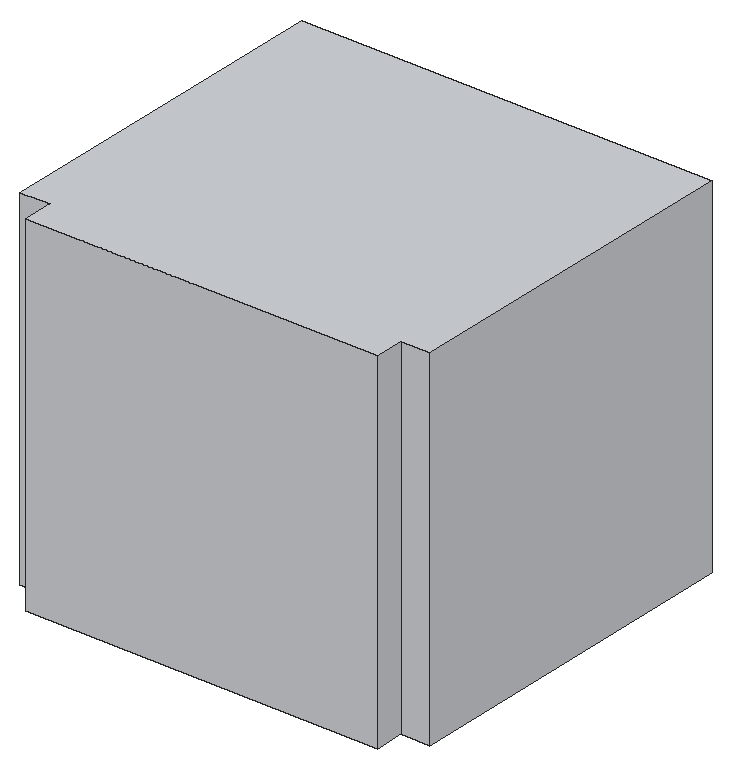
Revit family "1efeaccff0834505ac159676a0721481", category Duct Fittings, Revit 2021
Family settings
  Round Connector Dimension = Use Diameter
  Part Type = Tee
  OmniClass Number = 23.75.70.14
  OmniClass Title = Air Ductwork
  Seek Item ID = Rectangular Tee-0000-USA-ENU
  Work Plane-Based = No
  Always vertical = Yes
  Cut with Voids When Loaded = No
  Shared = No
Parameters (values of type "Standard")
  Duct Width 3 [instance] = 12"
  Duct Width 1 [instance] = 12"
  Shoulder [instance] = 1"
  Length3a [instance] = Duct Width 1 / 2  # 6"
  Duct Length 3 [instance] = Length3a + Shoulder  # 7"
  Length1a [instance] = Duct Width 3 / 2  # 6"
  Duct Length 1 [instance] = Length1a + Shoulder  # 7"
  Duct Height [instance] = 12"
  Default Elevation = 0' - 0"
Reference planes (in)
  plane 1 "Center (Front/Back)": y = 0
  plane 2: z = 0
  plane 3 "Center (Left/Right)": x = 0
  plane 4: x = -7
  plane 5: x = 7
  plane 6: y = -7
Forms (in)
  Sweep 1, solid, detail levels medium+fine
    path in 3D
      loop
        line (-7, 0, 0) -> (0, 0, 0)
    profile "Duct - Rectangular : Duct - Rectangular" origin (-3.5, 0, 0) x (0, 1, 0) y (0, 0, 1)
      loop
        line (-6, 6) -> (-6, -6) -> (6, -6) -> (6, 6) -> (-6, 6)
  Sweep 2, solid, detail levels medium+fine
    path in 3D
      loop
        line (0, 0, 0) -> (7, 0, 0)
    profile "Duct - Rectangular : Duct - Rectangular" origin (3.5, 0, 0) x (0, 1, 0) y (0, 0, 1)
      loop
        line (-6, 6) -> (-6, -6) -> (6, -6) -> (6, 6) -> (-6, 6)
  Sweep 3, solid, detail levels medium+fine
    path in 3D
      loop
        line (0, 0, 0) -> (0, -7, 0)
    profile "Duct - Rectangular : Duct - Rectangular 3" origin (0, -3.5, 0) x (1, 0, 0) y (0, 0, 1)
      loop
        line (-6, 6) -> (-6, -6) -> (6, -6) -> (6, 6) -> (-6, 6)
Cuts and joins
  joined: Sweep 1, Sweep 2, Sweep 3
Lines and regions (in)
  reference lines
    curve 1: line (-7, 0, 0) -> (0, 0, 0)
    curve 2: line (0, 0, 0) -> (7, 0, 0)
    curve 3: line (0, 0, 0) -> (0, -7, 0)
  sketch lines
    curve 4: line (-7, 0, 0) -> (0, 0, 0)
    curve 5: line (0, 0, 0) -> (7, 0, 0)
    curve 6: line (0, 0, 0) -> (0, -7, 0)
  model lines, style "DuctFitting", detail levels coarse
    curve 7: line (-7, 0, 0) -> (0, 0, 0)
    curve 8: line (0, 0, 0) -> (7, 0, 0)
    curve 9: line (0, 0, 0) -> (0, -7, 0)
Dimensions and locks (in)
  equal spacing: plane 4, plane 3 "Center (Left/Right)", plane 5
  "Duct Length 1": plane 4 to plane 3 "Center (Left/Right)"
  "Duct Length 3": plane 6 to plane 1 "Center (Front/Back)"
  aligned and locked: plane 3 "Center (Left/Right)" to curve 1
  aligned and locked: plane 4 to curve 1
  aligned and locked: plane 1 "Center (Front/Back)" to curve 1
  aligned and locked: plane 5 to curve 2
  aligned and locked: plane 1 "Center (Front/Back)" to curve 2
  aligned and locked: plane 6 to curve 3
  aligned and locked: curve 7 to curve 1
  aligned and locked: curve 8 to curve 2
  aligned and locked: curve 9 to curve 3
Automatic sketch dimensions
  curve 7 to plane 4 = 0' - 0"
  curve 8 to plane 5 = 0' - 0"
  curve 9 to plane 6 = 0' - 0"
Connectors (in)
  hvac at (-7, 0, 0), driven by "Duct Height", driven by "Duct Width 1"
    settings: on cut or joined group of Sweep 1, Sweep 2, Sweep 3, index 1, duct flow 0 CFM, flow factor 0, pres drop 0.00 in-wg, loss coef 0, conn angle 0.00°, conn width 12", conn height 12", conn diameter 24", duct sys type 28, conn prof type 1, flow config 0, flow direction 0, loss method 0, conn ref index 2, conn util no, is conn primary yes, conn desc ""
  hvac at (7, 0, 0), driven by "Duct Height", driven by "Duct Width 1"
    settings: on cut or joined group of Sweep 1, Sweep 2, Sweep 3, index 2, duct flow 0 CFM, flow factor 0, pres drop 0.00 in-wg, loss coef 0, conn angle 0.00°, conn width 12", conn height 12", conn diameter 24", duct sys type 28, conn prof type 1, flow config 0, flow direction 0, loss method 0, conn ref index 1, conn util no, is conn primary no, conn desc ""
  hvac at (0, -7, 0), driven by "Duct Height", driven by "Duct Width 3"
    settings: on cut or joined group of Sweep 1, Sweep 2, Sweep 3, index 3, duct flow 0 CFM, flow factor 0, pres drop 0.00 in-wg, loss coef 0, conn angle 0.00°, conn width 12", conn height 12", conn diameter 24", duct sys type 28, conn prof type 1, flow config 0, flow direction 0, loss method 0, conn ref index -1, conn util no, is conn primary no, conn desc ""
